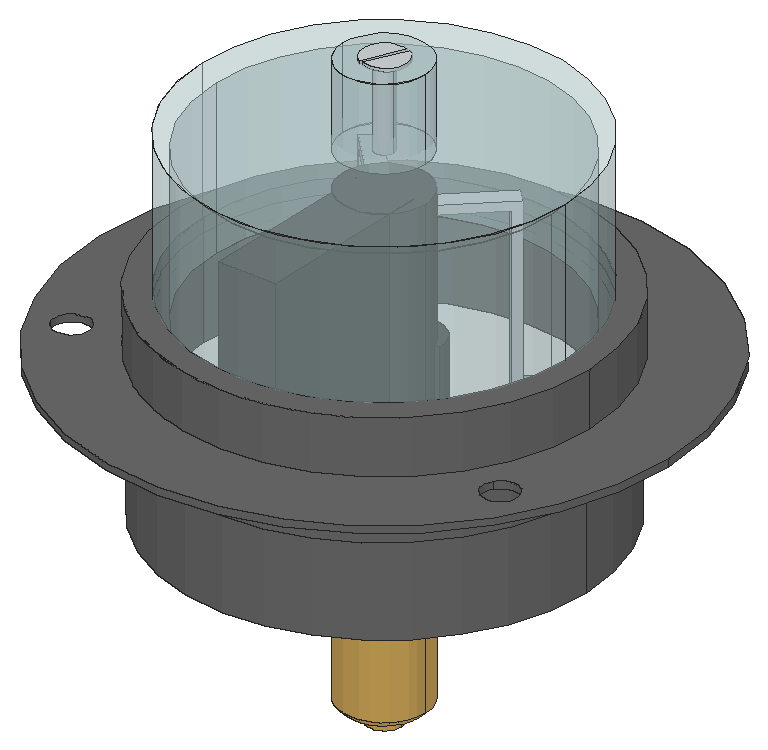
Revit family "РОСМА_МанометрОсевойЭлектроконтактнойПриставкой", category Арматура трубопроводов, Revit 2018 (continued)
Definition of nested family "Корпус манометра_ОсевойЭлектроконтактнойПриставкой"
  Automatic sketch dimensions
    curve 92 to curve 92 = 1.759 mm
    curve 92 to curve 92 = 1.831 mm
    curve 93 to curve 93 = 1.759 mm
    curve 93 to curve 93 = 1.831 mm
    curve 94 to curve 94 = 1.759 mm
    curve 94 to curve 94 = 1.831 mm
    curve 95 to curve 95 = 1.759 mm
    curve 95 to curve 95 = 1.831 mm
    curve 96 to curve 96 = 1.759 mm
    curve 96 to curve 96 = 1.831 mm
    curve 97 to curve 97 = 1.759 mm
    curve 97 to curve 97 = 1.831 mm
    curve 98 to curve 98 = 1.759 mm
    curve 98 to curve 98 = 1.831 mm
    curve 99 to curve 99 = 1.759 mm
    curve 99 to curve 99 = 1.831 mm
    curve 100 to curve 100 = 1.759 mm
    curve 100 to curve 100 = 1.831 mm
    curve 101 to curve 101 = 1.759 mm
    curve 101 to curve 101 = 1.831 mm
    curve 102 to curve 102 = 1.759 mm
    curve 102 to curve 102 = 1.831 mm
    curve 103 to curve 103 = 1.759 mm
    curve 103 to curve 103 = 1.831 mm
    curve 104 to curve 104 = 1.759 mm
    curve 104 to curve 104 = 1.831 mm
    curve 105 to curve 105 = 1.759 mm
    curve 105 to curve 105 = 1.831 mm
    curve 106 to curve 106 = 1.759 mm
    curve 106 to curve 106 = 1.831 mm
    curve 107 to curve 107 = 1.759 mm
    curve 107 to curve 107 = 1.831 mm
    curve 108 to curve 108 = 1.759 mm
    curve 108 to curve 108 = 1.831 mm
    curve 109 to curve 109 = 1.759 mm
    curve 109 to curve 109 = 1.831 mm
    curve 110 to curve 110 = 1.759 mm
    curve 110 to curve 110 = 1.831 mm
    curve 111 to curve 111 = 1.759 mm
    curve 111 to curve 111 = 1.831 mm
    curve 112 to curve 112 = 1.759 mm
    curve 112 to curve 112 = 1.831 mm
    curve 113 to curve 113 = 1.759 mm
    curve 113 to curve 113 = 1.831 mm
    curve 114 to curve 114 = 1.759 mm
    curve 114 to curve 114 = 1.831 mm
    curve 115 to curve 115 = 1.759 mm
    curve 115 to curve 115 = 1.831 mm
    curve 116 to curve 116 = 1.759 mm
    curve 116 to curve 116 = 1.831 mm
    curve 117 to curve 117 = 1.759 mm
    curve 117 to curve 117 = 1.831 mm
    curve 118 to curve 118 = 1.759 mm
    curve 118 to curve 118 = 1.831 mm
    curve 119 to curve 119 = 1.759 mm
    curve 119 to curve 119 = 1.831 mm
    curve 120 to curve 120 = 1.759 mm
    curve 120 to curve 120 = 1.831 mm
    curve 121 to curve 121 = 1.759 mm
    curve 121 to curve 121 = 1.831 mm
    curve 122 to curve 122 = 1.759 mm
    curve 122 to curve 122 = 1.831 mm
    curve 123 to curve 123 = 1.759 mm
    curve 123 to curve 123 = 1.831 mm
    curve 124 to curve 124 = 1.759 mm
    curve 124 to curve 124 = 1.831 mm
    curve 125 to curve 125 = 1.759 mm
    curve 125 to curve 125 = 1.831 mm
    curve 126 to curve 126 = 1.759 mm
    curve 126 to curve 126 = 1.831 mm
    curve 127 to curve 127 = 1.759 mm
    curve 127 to curve 127 = 1.831 mm
    curve 128 to curve 128 = 1.759 mm
    curve 128 to curve 128 = 1.831 mm
    curve 129 to curve 129 = 1.759 mm
    curve 129 to curve 129 = 1.831 mm
    curve 130 to curve 130 = 1.759 mm
    curve 130 to curve 130 = 1.831 mm
    curve 131 to curve 131 = 1.759 mm
    curve 131 to curve 131 = 1.831 mm
    curve 132 to curve 132 = 1.759 mm
    curve 132 to curve 132 = 1.831 mm
    curve 133 to curve 133 = 1.759 mm
    curve 133 to curve 133 = 1.831 mm
    curve 134 to curve 134 = 1.759 mm
    curve 134 to curve 134 = 1.831 mm
    curve 135 to curve 135 = 1.759 mm
    curve 135 to curve 135 = 1.831 mm
    curve 136 to curve 136 = 1.759 mm
    curve 136 to curve 136 = 1.831 mm
    curve 137 to curve 137 = 1.759 mm
    curve 137 to curve 137 = 1.831 mm
    curve 138 to curve 138 = 1.759 mm
    curve 138 to curve 138 = 1.831 mm
    curve 139 to curve 139 = 1.759 mm
    curve 139 to curve 139 = 1.831 mm
    curve 140 to curve 140 = 1.759 mm
    curve 140 to curve 140 = 1.831 mm
    curve 141 to curve 141 = 1.759 mm
    curve 141 to curve 141 = 1.831 mm
    curve 142 to curve 142 = 1.759 mm
    curve 142 to curve 142 = 1.831 mm
    curve 143 to curve 143 = 1.759 mm
    curve 143 to curve 143 = 1.831 mm
    curve 144 to curve 144 = 1.759 mm
    curve 144 to curve 144 = 1.831 mm
    curve 145 to curve 145 = 1.759 mm
    curve 145 to curve 145 = 1.831 mm
    curve 146 to curve 146 = 1.759 mm
    curve 146 to curve 146 = 1.831 mm
    curve 157 to curve 157 = 1.759 mm
    curve 157 to curve 157 = 1.831 mm
    curve 161 to curve 161 = 1.759 mm
    curve 161 to curve 161 = 1.831 mm
    curve 160 to curve 160 = 1.759 mm
    curve 160 to curve 160 = 1.831 mm
    curve 162 to curve 162 = 1.759 mm
    curve 162 to curve 162 = 1.831 mm
    curve 163 to curve 163 = 1.759 mm
    curve 163 to curve 163 = 1.831 mm
    curve 164 to curve 164 = 1.759 mm
    curve 164 to curve 164 = 1.831 mm
    curve 165 to curve 165 = 1.759 mm
    curve 165 to curve 165 = 1.831 mm
    curve 166 to curve 166 = 1.759 mm
    curve 166 to curve 166 = 1.831 mm
    curve 167 to curve 167 = 1.759 mm
    curve 167 to curve 167 = 1.831 mm
    curve 168 to curve 168 = 1.759 mm
    curve 168 to curve 168 = 1.831 mm
    curve 169 to curve 169 = 1.759 mm
    curve 169 to curve 169 = 1.831 mm
    curve 170 to curve 170 = 1.759 mm
    curve 170 to curve 170 = 1.831 mm
    curve 171 to curve 171 = 1.759 mm
    curve 171 to curve 171 = 1.831 mm
    curve 172 to curve 172 = 1.759 mm
    curve 172 to curve 172 = 1.831 mm
    curve 173 to curve 173 = 1.759 mm
    curve 173 to curve 173 = 1.831 mm
    curve 174 to curve 174 = 1.759 mm
    curve 174 to curve 174 = 1.831 mm
    curve 175 to curve 175 = 1.759 mm
    curve 175 to curve 175 = 1.831 mm
    curve 176 to curve 176 = 1.759 mm
    curve 176 to curve 176 = 1.831 mm
    curve 177 to curve 177 = 1.759 mm
    curve 177 to curve 177 = 1.831 mm
    curve 178 to curve 178 = 1.759 mm
    curve 178 to curve 178 = 1.831 mm
    curve 179 to curve 179 = 1.759 mm
    curve 179 to curve 179 = 1.831 mm
    curve 180 to curve 180 = 1.759 mm
    curve 180 to curve 180 = 1.831 mm
    curve 181 to curve 181 = 1.759 mm
    curve 181 to curve 181 = 1.831 mm
    curve 182 to curve 182 = 1.759 mm
    curve 182 to curve 182 = 1.831 mm
    curve 183 to curve 183 = 1.759 mm
    curve 183 to curve 183 = 1.831 mm
    curve 184 to curve 184 = 1.759 mm
    curve 184 to curve 184 = 1.831 mm
    curve 185 to curve 185 = 1.759 mm
    curve 185 to curve 185 = 1.831 mm
    curve 186 to curve 186 = 1.759 mm
    curve 186 to curve 186 = 1.831 mm
    curve 187 to curve 187 = 1.759 mm
    curve 187 to curve 187 = 1.831 mm
    curve 188 to curve 188 = 1.759 mm
    curve 188 to curve 188 = 1.831 mm
    curve 189 to curve 189 = 1.759 mm
    curve 189 to curve 189 = 1.831 mm
    curve 190 to curve 190 = 1.759 mm
    curve 190 to curve 190 = 1.831 mm
    curve 191 to curve 191 = 1.759 mm
    curve 191 to curve 191 = 1.831 mm
    curve 192 to curve 192 = 1.759 mm
    curve 192 to curve 192 = 1.831 mm
    curve 193 to curve 193 = 1.759 mm
    curve 193 to curve 193 = 1.831 mm
    curve 194 to curve 194 = 1.759 mm
    curve 194 to curve 194 = 1.831 mm
    curve 195 to curve 195 = 1.759 mm
    curve 195 to curve 195 = 1.831 mm
    curve 196 to curve 196 = 1.759 mm
    curve 196 to curve 196 = 1.831 mm
    curve 197 to curve 197 = 1.759 mm
    curve 197 to curve 197 = 1.831 mm
    curve 198 to curve 198 = 1.759 mm
    curve 198 to curve 198 = 1.831 mm
    curve 199 to curve 199 = 1.759 mm
    curve 199 to curve 199 = 1.831 mm
    curve 200 to curve 200 = 1.759 mm
    curve 200 to curve 200 = 1.831 mm
    curve 201 to curve 201 = 1.759 mm
    curve 201 to curve 201 = 1.831 mm
    curve 202 to curve 202 = 1.759 mm
    curve 202 to curve 202 = 1.831 mm
    curve 203 to curve 203 = 1.759 mm
    curve 203 to curve 203 = 1.831 mm
    curve 204 to curve 204 = 1.759 mm
    curve 204 to curve 204 = 1.831 mm
    curve 205 to curve 205 = 1.759 mm
    curve 205 to curve 205 = 1.831 mm
    curve 206 to curve 206 = 1.759 mm
    curve 206 to curve 206 = 1.831 mm
    curve 207 to curve 207 = 1.759 mm
    curve 207 to curve 207 = 1.831 mm
    curve 208 to curve 208 = 1.759 mm
    curve 208 to curve 208 = 1.831 mm
    curve 209 to curve 209 = 1.759 mm
    curve 209 to curve 209 = 1.831 mm
    curve 210 to curve 210 = 1.759 mm
    curve 210 to curve 210 = 1.831 mm
    curve 211 to curve 211 = 1.759 mm
    curve 211 to curve 211 = 1.831 mm
    curve 212 to curve 212 = 1.759 mm
    curve 212 to curve 212 = 1.831 mm
    curve 213 to curve 213 = 1.759 mm
    curve 213 to curve 213 = 1.831 mm
    curve 214 to curve 214 = 1.759 mm
    curve 214 to curve 214 = 1.831 mm
    curve 215 to curve 215 = 1.759 mm
    curve 215 to curve 215 = 1.831 mm
    curve 216 to curve 216 = 1.759 mm
    curve 216 to curve 216 = 1.831 mm
    curve 217 to curve 217 = 1.759 mm
    curve 217 to curve 217 = 1.831 mm
    curve 218 to curve 218 = 1.759 mm
    curve 218 to curve 218 = 1.831 mm
    curve 219 to curve 219 = 1.759 mm
    curve 219 to curve 219 = 1.831 mm
    curve 220 to curve 220 = 1.759 mm
    curve 220 to curve 220 = 1.831 mm
    curve 221 to curve 221 = 1.759 mm
    curve 221 to curve 221 = 1.831 mm
    curve 222 to curve 222 = 1.759 mm
    curve 222 to curve 222 = 1.831 mm
    curve 223 to curve 223 = 1.759 mm
    curve 223 to curve 223 = 1.831 mm
    curve 224 to curve 224 = 1.759 mm
    curve 224 to curve 224 = 1.831 mm
    curve 225 to curve 225 = 1.759 mm
    curve 225 to curve 225 = 1.831 mm
    curve 226 to curve 226 = 1.759 mm
    curve 226 to curve 226 = 1.831 mm
    curve 227 to curve 227 = 1.759 mm
    curve 227 to curve 227 = 1.831 mm
    curve 228 to curve 228 = 1.759 mm
    curve 228 to curve 228 = 1.831 mm
    curve 229 to curve 229 = 1.759 mm
    curve 229 to curve 229 = 1.831 mm
    curve 230 to curve 230 = 1.759 mm
    curve 230 to curve 230 = 1.831 mm
    curve 231 to curve 231 = 1.759 mm
    curve 231 to curve 231 = 1.831 mm
    curve 232 to curve 232 = 1.759 mm
    curve 232 to curve 232 = 1.831 mm
    curve 233 to curve 233 = 1.759 mm
    curve 233 to curve 233 = 1.831 mm
    curve 234 to curve 234 = 1.759 mm
    curve 234 to curve 234 = 1.831 mm
    curve 235 to curve 235 = 1.759 mm
    curve 235 to curve 235 = 1.831 mm
    curve 236 to curve 236 = 1.759 mm
    curve 236 to curve 236 = 1.831 mm
    curve 237 to curve 237 = 1.759 mm
    curve 237 to curve 237 = 1.831 mm
    curve 238 to curve 238 = 1.759 mm
    curve 238 to curve 238 = 1.831 mm
    curve 239 to curve 239 = 1.759 mm
    curve 239 to curve 239 = 1.831 mm
    curve 240 to curve 240 = 1.759 mm
    curve 240 to curve 240 = 1.831 mm
    curve 241 to curve 241 = 1.759 mm
    curve 241 to curve 241 = 1.831 mm
    curve 242 to curve 242 = 1.759 mm
    curve 242 to curve 242 = 1.831 mm
    curve 243 to curve 243 = 1.759 mm
    curve 243 to curve 243 = 1.831 mm
    curve 244 to curve 244 = 1.759 mm
    curve 244 to curve 244 = 1.831 mm
    curve 245 to curve 245 = 1.759 mm
    curve 245 to curve 245 = 1.831 mm
    curve 246 to curve 246 = 1.759 mm
    curve 246 to curve 246 = 1.831 mm
    curve 247 to curve 247 = 1.759 mm
    curve 247 to curve 247 = 1.831 mm
    curve 248 to curve 248 = 1.759 mm
    curve 248 to curve 248 = 1.831 mm
    curve 258 to curve 258 = 13.751 mm
    curve 259 to curve 259 = 13.751 mm
    curve 42 to curve 42 = 0.5 mm
    curve 42 to curve 42 = 3.276 mm
    curve 6 to curve 5 = 0.273 mm
    curve 6 to curve 11 = 4.273 mm
    curve 11 to curve 42 = 5.048 mm
    curve 42 to curve 41 = 0.052 mm
    curve 42 to curve 50 = 3.696 mm
    curve 48 to curve 48 = 0.359 mm
    curve 42 to curve 31 = 5.684 mm
    curve 30 to curve 31 = 1.451 mm
    curve 11 to curve 6 = 0.7 mm
    curve 11 to curve 31 = 2.319 mm
    curve 11 to curve 42 = 10.694 mm
    curve 42 to curve 41 = 0.021 mm
    curve 48 to curve 50 = 3.572 mm
    curve 6 to curve 6 = 0.495 mm
    curve 42 to curve 41 = 0.038 mm
    curve 41 to curve 42 = 1.731 mm
    curve 41 to curve 48 = 2.932 mm
    curve 50 to curve 50 = 1.293 mm
    curve 30 to curve 30 = 1.203 mm
    curve 30 to curve 32 = 3.856 mm
    curve 32 to curve 31 = 4.488 mm
    curve 30 to curve 32 = 0 mm
    curve 42 to curve 41 = 1.57 mm
    curve 50 to curve 50 = 1.164 mm
    curve 6 to curve 10 = 0.15 mm
    curve 11 to curve 14 = 5.053 mm
    curve 11 to curve 14 = 0.079 mm
    curve 6 to curve 10 = 0.079 mm
    curve 7 to curve 5 = 0.758 mm
    curve 2 to curve 2 = 1.079 mm
    curve 14 to curve 14 = 1.696 mm  (x2)
    curve 51 to curve 48 = 0.41 mm
    curve 57 to curve 57 = 2.225 mm
    curve 30 to curve 37 = 0.987 mm
    curve 39 to curve 31 = 0.697 mm
    curve 39 to curve 39 = 0.444 mm
    curve 33 to curve 32 = 0.972 mm
    curve 14 to curve 14 = 1.523 mm
    curve 2 to curve 6 = 1.29 mm
    curve 33 to curve 39 = 2.173 mm
    curve 39 to curve 31 = 0.867 mm
    curve 57 to curve 48 = 2.225 mm
    curve 48 to curve 51 = 1.24 mm
    curve 9 to curve 10 = 0.862 mm
    curve 42 to curve 46 = 0.038 mm
    curve 46 to curve 50 = 0.784 mm
    curve 52 to curve 52 = 0.756 mm
    curve 42 to curve 56 = 2.179 mm
    curve 37 to curve 35 = 0.351 mm
    curve 39 to curve 35 = 0.132 mm
    curve 35 to curve 39 = 1.029 mm
    curve 56 to curve 42 = 0.888 mm
    curve 52 to curve 51 = 0.014 mm
    curve 46 to curve 50 = 1.127 mm
    curve 42 to curve 46 = 1.363 mm
    curve 11 to curve 12 = 0 mm  (x4)
    curve 3 to curve 6 = 0.556 mm
    curve 54 to curve 42 = 0.253 mm
    curve 14 to curve 13 = 0.042 mm
    curve 41 to curve 53 = 0.492 mm
    curve 16 to curve 14 = 0.639 mm
    curve 15 to curve 14 = 0.63 mm
    curve 14 to curve 18 = 0.797 mm
    curve 49 to curve 48 = 0.056 mm
    curve 17 to curve 28 = 1.048 mm
    curve 17 to curve 19 = 1.122 mm
    curve 48 to curve 53 = 0.29 mm
    curve 28 to curve 26 = 0.925 mm
    curve 28 to curve 20 = 1.349 mm
    curve 26 to curve 25 = 0.888 mm
    curve 19 to curve 21 = 2.608 mm
    curve 20 to curve 25 = 1.405 mm
    curve 20 to curve 22 = 1.043 mm
    curve 38 to curve 39 = 0.964 mm
    curve 17 to curve 14 = 0.725 mm
    curve 22 to curve 30 = 0 mm
    curve 23 to curve 25 = 0.566 mm
    curve 3 to curve 9 = 0.863 mm
    curve 14 to curve 16 = 0.582 mm
    curve 26 to curve 20 = 1.388 mm
    curve 20 to curve 25 = 0.116 mm
    curve 19 to curve 28 = 0.151 mm
    curve 13 to curve 14 = 0.019 mm
    curve 30 to curve 22 = 0.081 mm
    curve 14 to curve 19 = 0.797 mm
    curve 42 to curve 55 = 0.138 mm
    curve 41 to curve 54 = 0.914 mm
    curve 49 to curve 48 = 0.011 mm
    curve 45 to curve 41 = 1.222 mm
    Extrusion 5 sketch curve to plane 13 = 0 mm  (x2)
    Extrusion 5 sketch curve to plane 14 = 0 mm
    Extrusion 5 sketch curve to plane 15 = 0 mm
    Extrusion 5 sketch curve to level = 0.614 mm
    Extrusion 6 sketch curve to plane 13 = 0 mm  (x2)
    Extrusion 6 sketch curve to plane 14 = 0 mm
    plane 3 "По центру (Влево/Вправо)" to Extrusion 6 sketch curve = 0.614 mm
    curve 374 to plane 18 = 3.261 mm
    curve 374 to plane 8 "Табло" = 6.711 mm
    Extrusion 9 sketch curve to level = 0 mm
    plane 9 "sr" to Extrusion 9 sketch curve = 0 mm
    Extrusion 9 sketch curve to plane 10 "sl" = 0 mm
    plane 21 to Extrusion 9 sketch curve = 0 mm
    Extrusion 11 sketch curve to level = 0 mm
    Extrusion 11 sketch curve to plane 3 "По центру (Влево/Вправо)" = 0 mm
    profile plane to Sweep 12 sketch curve = 0.528 mm
    Sweep 12 sketch curve to profile plane = 0.714 mm
    Sweep 12 sketch curve to profile plane = 1.297 mm
    Extrusion 13 sketch curve to Extrusion 13 sketch curve = 0.429 mm
    Extrusion 13 sketch curve to Extrusion 13 sketch curve = 1.109 mm
    Extrusion 13 sketch curve to Extrusion 13 sketch curve = 0.085 mm
    Extrusion 13 sketch curve to Extrusion 13 sketch curve = 0.917 mm
    Extrusion 13 sketch curve to Extrusion 13 sketch curve = 0.464 mm
    Extrusion 13 sketch curve to Extrusion 13 sketch curve = 0.001 mm
    profile plane to Sweep 15 sketch curve = 0.714 mm
    Sweep 15 sketch curve to profile plane = 0.528 mm
    Sweep 15 sketch curve to profile plane = 1.297 mm
    plane 14 to Extrusion 10 sketch curve = 0 mm
    Extrusion 10 sketch curve to plane 22 = 0 mm
    plane 9 "sr" to Extrusion 10 sketch curve = 5.429 mm
    Extrusion 10 sketch curve to plane 9 "sr" = 2.025 mm
    Extrusion 10 sketch curve to level = 0.001 mm
    Extrusion 10 sketch curve to plane 10 "sl" = 3.462 mm
    plane 9 "sr" to Extrusion 10 sketch curve = 2.357 mm
    level to Extrusion 10 sketch curve = 0.442 mm
    plane 3 "По центру (Влево/Вправо)" to Extrusion 10 sketch curve = 2.327 mm
    level to Extrusion 10 sketch curve = 2.328 mm
    curve 327 to curve 328 = 0 mm  (x2)
    curve 348 to curve 350 = 0.393 mm
    curve 350 to curve 347 = 0.093 mm
    curve 350 to curve 351 = 0.142 mm
    curve 350 to curve 355 = 0.053 mm
    curve 347 to curve 356 = 0.282 mm
    curve 354 to curve 354 = 0.389 mm
    curve 354 to curve 351 = 0.04 mm
    curve 356 to curve 346 = 0.304 mm
    curve 351 to curve 353 = 0.142 mm
    curve 352 to curve 346 = 0.399 mm
    curve 346 to curve 338 = 0.683 mm
    curve 337 to curve 372 = 0.229 mm
    curve 338 to curve 339 = 0.392 mm
    curve 337 to curve 337 = 0.422 mm
    curve 373 to curve 372 = 0.504 mm
    curve 339 to curve 342 = 0.38 mm
    curve 340 to curve 335 = 0.567 mm
    curve 373 to curve 367 = 0.894 mm
    curve 373 to curve 373 = 0.899 mm  (x2)
    curve 341 to curve 343 = 0.359 mm
    curve 366 to curve 368 = 0.237 mm
    curve 364 to curve 369 = 0.255 mm
    curve 336 to curve 334 = 1.054 mm
    curve 365 to curve 364 = 0.14 mm
    curve 342 to curve 345 = 0.374 mm
    curve 364 to curve 365 = 0.022 mm
    curve 371 to curve 359 = 0.88 mm
    curve 366 to curve 366 = 0.522 mm
    curve 368 to curve 367 = 0.305 mm
    curve 334 to curve 334 = 0.453 mm
    curve 364 to curve 362 = 0.317 mm
    curve 333 to curve 331 = 0.322 mm
    curve 333 to curve 332 = 0.322 mm
    curve 358 to curve 359 = 0.699 mm
    curve 331 to curve 331 = 0.254 mm
    curve 330 to curve 332 = 0.258 mm
    curve 365 to curve 370 = 1.194 mm
    curve 370 to curve 357 = 0.199 mm
    curve 331 to curve 329 = 0.414 mm
    curve 329 to curve 330 = 0.017 mm
    curve 357 to curve 358 = 0.021 mm
    curve 358 to curve 371 = 0.102 mm
    curve 361 to curve 363 = 1.161 mm
    curve 370 to curve 360 = 0.406 mm
    curve 362 to curve 363 = 0.015 mm
    curve 330 to curve 327 = 2.041 mm
    curve 327 to curve 320 = 1.526 mm
    curve 320 to curve 321 = 0.09 mm
    curve 322 to curve 325 = 0.139 mm
    curve 326 to curve 322 = 0.061 mm
    curve 322 to curve 318 = 0.424 mm
    curve 326 to curve 324 = 0.348 mm
    curve 318 to curve 318 = 0.436 mm
    curve 333 to curve 346 = 0 mm
    curve 338 to curve 346 = 0 mm
    curve 350 to curve 352 = 0 mm
    curve 333 to curve 318 = 0.006 mm
    curve 339 to curve 341 = 0.229 mm
    curve 333 to curve 332 = 0.293 mm
    curve 352 to curve 352 = 0.462 mm
    curve 318 to curve 319 = 0.521 mm
    curve 330 to curve 332 = 0.235 mm
    curve 343 to curve 336 = 0.561 mm
    curve 335 to curve 341 = 0.047 mm
    curve 335 to curve 344 = 0.061 mm
    curve 319 to curve 325 = 0.349 mm
    curve 320 to curve 328 = 0.349 mm
    curve 350 to curve 355 = 0.416 mm
    curve 329 to curve 329 = 0.373 mm
    curve 329 to curve 330 = 0.008 mm
    curve 325 to curve 322 = 0.283 mm
    curve 322 to curve 326 = 0.032 mm
    curve 354 to curve 355 = 0.585 mm
    curve 355 to curve 347 = 0.35 mm
    curve 346 to curve 338 = 0.033 mm
    curve 331 to curve 335 = 0.322 mm
    curve 336 to curve 371 = 1.101 mm
    curve 371 to curve 359 = 0.359 mm
    curve 371 to curve 372 = 0.839 mm
    curve 358 to curve 359 = 0.634 mm
    curve 357 to curve 358 = 1.257 mm
    curve 358 to curve 357 = 0.009 mm
    curve 358 to curve 371 = 0.056 mm
    curve 365 to curve 365 = 0.506 mm
    curve 365 to curve 364 = 0.004 mm
    curve 361 to curve 360 = 0.494 mm
    curve 368 to curve 367 = 0.006 mm
    curve 365 to curve 367 = 0.478 mm
    curve 361 to curve 364 = 0.455 mm
    curve 358 to curve 362 = 0.551 mm
    curve 270 to curve 271 = 0 mm  (x2)
    curve 291 to curve 293 = 0.393 mm
    curve 293 to curve 290 = 0.093 mm
    curve 293 to curve 294 = 0.142 mm
    curve 293 to curve 298 = 0.053 mm
    curve 290 to curve 299 = 0.282 mm
    curve 297 to curve 297 = 0.389 mm
    curve 297 to curve 294 = 0.04 mm
    curve 299 to curve 289 = 0.304 mm
    curve 294 to curve 296 = 0.142 mm
    curve 295 to curve 289 = 0.399 mm
    curve 289 to curve 281 = 0.683 mm
    curve 280 to curve 315 = 0.229 mm
    curve 281 to curve 282 = 0.392 mm
    curve 280 to curve 280 = 0.422 mm
    curve 316 to curve 315 = 0.504 mm
    curve 282 to curve 285 = 0.38 mm
    curve 283 to curve 278 = 0.567 mm
    curve 316 to curve 310 = 0.894 mm
    curve 316 to curve 316 = 0.899 mm  (x2)
    curve 284 to curve 286 = 0.359 mm
    curve 309 to curve 311 = 0.237 mm
    curve 307 to curve 312 = 0.255 mm
    curve 279 to curve 277 = 1.054 mm
    curve 308 to curve 307 = 0.14 mm
    curve 285 to curve 288 = 0.374 mm
    curve 307 to curve 308 = 0.022 mm
    curve 314 to curve 302 = 0.88 mm
    curve 309 to curve 309 = 0.522 mm
    curve 311 to curve 310 = 0.305 mm
    curve 277 to curve 277 = 0.453 mm
    curve 307 to curve 305 = 0.317 mm
    curve 276 to curve 274 = 0.322 mm
    curve 276 to curve 275 = 0.322 mm
    curve 301 to curve 302 = 0.699 mm
    curve 274 to curve 274 = 0.254 mm
    curve 273 to curve 275 = 0.258 mm
    curve 308 to curve 313 = 1.194 mm
    curve 313 to curve 300 = 0.199 mm
    curve 274 to curve 272 = 0.414 mm
    curve 272 to curve 273 = 0.017 mm
    curve 300 to curve 301 = 0.021 mm
    curve 301 to curve 314 = 0.102 mm
    curve 304 to curve 306 = 1.161 mm
    curve 313 to curve 303 = 0.406 mm
    curve 305 to curve 306 = 0.015 mm
    curve 273 to curve 270 = 2.041 mm
    curve 270 to curve 263 = 1.526 mm
    curve 263 to curve 264 = 0.09 mm
    curve 265 to curve 268 = 0.139 mm
    curve 269 to curve 265 = 0.061 mm
    curve 265 to curve 261 = 0.424 mm
    curve 269 to curve 267 = 0.348 mm
    curve 261 to curve 261 = 0.436 mm
    curve 276 to curve 289 = 0 mm
    curve 281 to curve 289 = 0 mm
    curve 293 to curve 295 = 0 mm
    curve 276 to curve 261 = 0.006 mm
    curve 282 to curve 284 = 0.229 mm
    curve 276 to curve 275 = 0.293 mm
    curve 295 to curve 295 = 0.462 mm
    curve 261 to curve 262 = 0.521 mm
    curve 273 to curve 275 = 0.235 mm
    curve 286 to curve 279 = 0.561 mm
    curve 278 to curve 284 = 0.047 mm
    curve 278 to curve 287 = 0.061 mm
    curve 262 to curve 268 = 0.349 mm
    curve 263 to curve 271 = 0.349 mm
    curve 293 to curve 298 = 0.416 mm
    curve 272 to curve 272 = 0.373 mm
    curve 272 to curve 273 = 0.008 mm
    curve 268 to curve 265 = 0.283 mm
    curve 265 to curve 269 = 0.032 mm
    curve 297 to curve 298 = 0.585 mm
    curve 298 to curve 290 = 0.35 mm
    curve 289 to curve 281 = 0.033 mm
    curve 274 to curve 278 = 0.322 mm
    curve 279 to curve 314 = 1.101 mm
    curve 314 to curve 302 = 0.359 mm
    curve 314 to curve 315 = 0.839 mm
    curve 301 to curve 302 = 0.634 mm
    curve 300 to curve 301 = 1.257 mm
    curve 301 to curve 300 = 0.009 mm
    curve 301 to curve 314 = 0.056 mm
    curve 308 to curve 308 = 0.506 mm
    curve 308 to curve 307 = 0.004 mm
    curve 304 to curve 303 = 0.494 mm
    curve 311 to curve 310 = 0.006 mm
    curve 308 to curve 310 = 0.478 mm
    curve 304 to curve 307 = 0.455 mm
    curve 301 to curve 305 = 0.551 mm
    curve 159 to plane 3 "По центру (Влево/Вправо)" = 0 mm
    curve 159 to plane 14 = 0 mm
    plane 9 "sr" to curve 158 = 107.621 mm
    curve 159 to plane 10 "sl" = 6.44 mm
    curve 159 to curve 158 = 62.657 mm
    curve 159 to level = 0 mm
    Extrusion 20 sketch curve to level = 0 mm
    Extrusion 20 sketch curve to plane 3 "По центру (Влево/Вправо)" = 0 mm
    Extrusion 8 sketch curve to level = 0 mm
    Extrusion 8 sketch curve to plane 3 "По центру (Влево/Вправо)" = 0 mm
    Sweep 12 sketch curve to plane 18 = 7.735 mm
    Sweep 12 sketch curve to plane 8 "Табло" = 1.493 mm
    Sweep 15 sketch curve to plane 18 = 7.627 mm
    Sweep 15 sketch curve to plane 8 "Табло" = 1.493 mm
    Extrusion 16 sketch curve to Extrusion 16 sketch curve = 0 mm  (x2)
    Extrusion 16 sketch curve to level = 0 mm
    Extrusion 16 sketch curve to plane 3 "По центру (Влево/Вправо)" = 0 mm
    radius of curve 11 = 2.25 mm
    radius of curve 12 = 1.301 mm
    radius of curve 327 = 0.909 mm
    radius of curve 328 = 0.526 mm
    radius of curve 270 = 0.909 mm
    radius of curve 271 = 0.526 mm
    radius of Extrusion 17 sketch curve = 2.5 mm
    radius of Extrusion 18 sketch curve = 2.5 mm
    radius of Extrusion 19 sketch curve = 2.5 mm
    radius of Extrusion 20 sketch curve = 1.371 mm
    radius of Extrusion 21 sketch curve = 0.874 mm
Definition of nested family "‎"
  Types (24): name
    ТВ -0.1…0МПа
    ТМ 0…0.1МПа
    ТМ 0…0.4МПа
    ТМ 0…0.06МПа
    ТМ 0…0.6МПа
    ТМ 0…0.16МПа
    ТМ 0…0.25МПа
    ТМ 0…1.6МПа
    ТМ 0…2.5МПа
    ТМ 0…4МПа
    ТМ 0…6МПа
    ТМ 0…10МПа
    ТМ 0…16МПа
    ТМ 0…25МПа
    ТМ 0…40МПа
    ТМ 0…60МПа
    ТМ 0…100МПа
    ТМВ -0.1…0.3МПа
    ТМВ -0.1…0.5МПа
    ТМВ -0.1…0.9МПа
    ТМВ -0.1…0.15МПа
    ТМВ -0.1…1.5МПа
    ТМВ -0.1…2.4МПа
    ТМ 0…1.0МПа
  Reference planes
    plane 1 "По центру (Вперед/Назад)": y = 0
    plane 2: z = 0
    plane 3 "По центру (Влево/Вправо)": x = 0
  Dimensions and locks
    aligned and locked: level to plane 2
Definition of nested family "DAA_УГО_МанометрПоказывающий_ГОСТ21.208-2013"
  Parameters (values of type "DAA_УГО_МанометрПоказывающий_ГОСТ21.208-2013")
    Центр2 = 0.5 * Масштаб_УГО  # 25 mm
    Центр = 0.9 * Масштаб_УГО  # 45 mm
    Масштаб_УГО = 50 mm
    Высота_выноски_на_виде_мм = 2
    rr = 0.8 * Масштаб_УГО  # 40 mm
    r = 2.5 * Масштаб_УГО  # 125 mm
    lr2 = 1.4 * Масштаб_УГО  # 70 mm
    lr1 = 0.8 * Масштаб_УГО  # 40 mm
    ll2 = 1.4 * Масштаб_УГО  # 70 mm
    ll1 = 0.8 * Масштаб_УГО  # 40 mm
    h5 = 3.8 * Масштаб_УГО  # 190 mm
    h4 = 4.2 * Масштаб_УГО  # 210 mm
    h3 = 3.4 * Масштаб_УГО  # 170 mm
    h2 = 2.6 * Масштаб_УГО  # 130 mm
    h1 = Высота_выноски_на_виде_мм * Масштаб_УГО  # 100 mm
  Reference planes
    plane 1 "По центру (Вперед/Назад)": y = 0
    plane 2: z = 0
    plane 3 "По центру (Влево/Вправо)": x = 0
    plane 4: z = 100
    plane 5: z = 225
    plane 6: x = -25
    plane 7: x = 45
    plane 8: z = 230
    plane 9: z = 270
    plane 10: z = 310
    plane 11: x = -70
    plane 12: x = -40
    plane 13: z = 290
    plane 14: x = 40
    plane 15: x = 70
  Lines and regions (mm)
    reference lines
      curve 1: circle (0, 0, 225) r 125 normal (0, -1, 0)
      curve 2: arc (-25, 0, 310) -> (-5, 0, 290) -> (-25, 0, 270) r 20
      curve 3: circle (45, 0, 270) r 40 normal (0, -1, 0)
    model lines
      curve 4: line (-70, 0, 230) -> (-70, 0, 310)
      curve 5: line (-25, 0, 270) -> (-70, 0, 270)
      curve 6: arc (70, 0, 301.225) -> (5, 0, 270) -> (70, 0, 238.775) r 40
      curve 7: line (70, 0, 270) -> (70, 0, 238.775)
      curve 8: line (70, 0, 270) -> (40, 0, 270)
      curve 9: line (-70, 0, 310) -> (-25, 0, 310)
      curve 10: arc (-25, 0, 310) -> (-5, 0, 290) -> (-25, 0, 270) r 20
      curve 11: circle (0, 0, 225) r 125 normal (0, -1, 0)
      curve 12: line (0, 0, 100) -> (0, 0, 0)
  Dimensions and locks
    "h1": plane 4 to level
    "r": plane 5 to plane 4
    "h2": plane 8 to plane 4
    "h3": plane 9 to plane 4
    "h4": plane 10 to plane 4
    "lr1": plane 14 to plane 3 "По центру (Влево/Вправо)"
    "lr2": plane 15 to plane 3 "По центру (Влево/Вправо)"
    "ll1": plane 3 "По центру (Влево/Вправо)" to plane 12
    "ll2": plane 3 "По центру (Влево/Вправо)" to plane 11
    "h5": plane 13 to plane 4
    "Центр": plane 7 to plane 3 "По центру (Влево/Вправо)"
    "Центр2": plane 3 "По центру (Влево/Вправо)" to plane 6
    "r": radius of curve 1
    "rr": radius of curve 3
    aligned and locked: level to plane 2
    aligned and locked: plane 11 to curve 4
    aligned and locked: curve 6 to curve 3
    aligned and locked: curve 7 to plane 15
    aligned and locked: curve 8 to plane 9
    aligned and locked: curve 9 to plane 10
    aligned and locked: curve 10 to curve 2
    aligned and locked: curve 11 to curve 1
    aligned and locked: curve 12 to plane 3 "По центру (Влево/Вправо)"
  Automatic sketch dimensions
    curve 8 to plane 14 = 0 mm
    curve 6 to plane 15 = 0 mm
    curve 12 to level = 0 mm
    curve 4 to plane 8 = 0 mm
    curve 2 to plane 6 = 0 mm
    curve 1 to plane 3 "По центру (Влево/Вправо)" = 0 mm
    curve 3 to plane 7 = 0 mm
    curve 1 to plane 5 = 0 mm
    curve 3 to plane 9 = 0 mm
    curve 2 to plane 9 = 0 mm
    curve 2 to plane 13 = 0 mm
